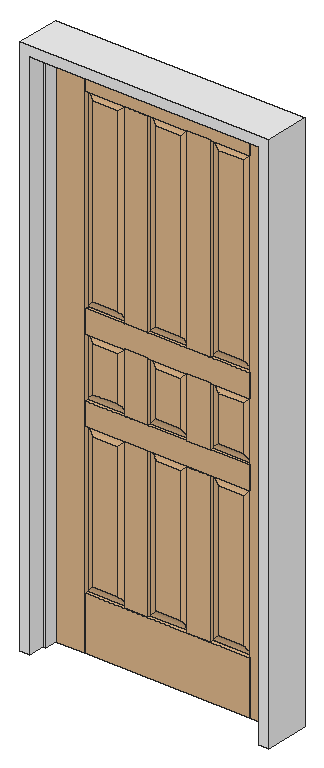
Revit family
Parameters (values of type "1 3/4" Raised Panel")
  URL = "http://www.karonadoor.com"
  Thickness Note = "Do not edit thickness."  # constant formula
  Thickness = 1.774"
  Swing Angle 2D = 90.00°
  SmartBIM Object Version = 1  # constant formula
  SmartBIM Object Created By = "Reed Construction Data"  # constant formula
  Rough Width = 0.000"
  Rough Height = 1.750"
  Panel = Panel_K3190_Karona : 1 3/4" - Raised Panel
  Model = "K3190 Square"  # constant formula
  Manufacturer = "Karona , Inc."  # constant formula
  Interior Panel = Wood, Cherry - Grain Vertical
  Detail Door Thickness = 1.750"
  Assembly Code = ""
  Top Rail Height = 5.000"
  Top Rail = Wood, Cherry - Grain Horizontal
  Stile Width = 5.063"
  Stile = Wood, Cherry - Grain Vertical
  Sticking = Wood, Cherry - Grain Vertical
  Middle Rail = Wood, Cherry - Grain Horizontal
  Height = 84.000"
  Wall Closure = (empty or 0)
  Width = 36.000"
  Frame = Metal
  Bottom Rail Height = 8.500"
  Bottom Rail = Wood, Cherry - Grain Horizontal
  95 CSI = "08210"  # constant formula
  04 CSI = "08 14 33"  # constant formula
Types (9): name | Thickness | Rough Height | Panel | Detail Door Thickness
  1 3/4" Flat Panel | 1.774" | 1.750" | Panel_K3190_Karona : 1 3/4" - Flat Panel | 1.750"
  1 3/8" Flat Panel | 1.334" | 0.000" | Panel_K3190_Karona : 1 3/8" - Flat Panel | 1.375"
  2 1/4" Flat Panel | 2.250" | 0.000" | Panel_K3190_Karona : 2 1/4" - Flat Panel | 2.250"
  1 3/4" Glass Panel | 1.774" | 1.750" | Panel_K3190_Karona : 1 3/4" - Glass Panel | 1.750"
  1 3/8" Glass Panel | 1.334" | 0.000" | Panel_K3190_Karona : 1 3/8" - Glass Panel | 1.375"
  2 1/4" Glass Panel | 2.250" | 0.000" | Panel_K3190_Karona : 2 1/4" - Glass | 2.250"
  1 3/4" Raised Panel | 1.774" | 1.750" | Panel_K3190_Karona : 1 3/4" - Raised Panel | 1.750"
  1 3/8" Raised Panel | 1.334" | 0.000" | Panel_K3190_Karona : 1 3/8" - Raised Panel | 1.375"
  2 1/4" Raised Panel | 2.250" | 0.000" | Panel_K3190_Karona : 2 1/4" - Raised Panel | 2.250"
Reference planes (in)
  plane 1 "Center (Front/Back)": y = 0
  plane 2 "Center (Left/Right)": x = 0
  plane 3 "Left": x = -18
  plane 4 "Right": x = 18
  plane 5 "Top": z = 84
  plane 6 "Exterior Edge of Frame": y = 3.5
  plane 7 "Interior Edge of Frame": y = -3.5
  plane 8: y = 1
  plane 9: y = -1
  plane 10 "Opening Left": x = -19.5
  plane 11 "Opening Right": x = 19.5
  plane 12 "Top of Opening": z = 85.5
  plane 13: x = -17.5
Forms (in)
  Sweep 1, solid, material "Metal" <- "Frame"
    path origin (0, 0, 0) x (1, 0, 0) y (0, 0, 1)
      loop
        line (-19.5, 0) -> (-19.5, 85.5) -> (19.5, 85.5) -> (19.5, 0)
    profile origin (-19.5, 0, 42.75) x (-1, 0, 0) y (0, -1, 0)
      loop
        line (0, -3.5) -> (0, 3.5) -> (-1.5, 3.5) -> (-1.5, 1) -> (-2, 1) -> (-2, -1) -> (-1.5, -1) -> (-1.5, -3.5) -> (0, -3.5)
Lines and regions (in)
  Opening 1
    outline origin (-90, -3, 0) x (1, 0, 0) y (0, 0, 1)
      loop
        line (70.5, 0) -> (109.5, 0) -> (109.5, 85.5) -> (70.5, 85.5) -> (70.5, 0)
  symbolic lines, style "Elevation Swing"
    curve 1: line (18, 3, 0) -> (-18, 3, 42)
    curve 2: line (-18, 3, 42) -> (18, 3, 84)
Text (in)
  text "Exterior" at (-46.13199, 20.20143, 0), in view "Ref. Level"
  text "Interior" at (-46.13199, -10.56751, 0), in view "Ref. Level"
  text "Exterior" at (0, 40.15149, 123.01588), in view "Right"
  text "Interior" at (0, -64.39139, 123.01588), in view "Right"
  text "Interior" at (0, -31.01599, 123.00693), in view "Left"
  text "Exterior" at (0, 54.57065, 123.00693), in view "Left"
Dimensions and locks (in)
  "Height": level to plane 5 "Top"
  "Width": plane 3 "Left" to plane 4 "Right"
  equal spacing: host wall, curve 2, plane 5 "Top"
  locked: host wall to plane 7 "Interior Edge of Frame" at 0.5
  locked: plane 6 "Exterior Edge of Frame" to host wall at 0.5
  locked: plane 9 to plane 7 "Interior Edge of Frame" at 2.5
  locked: plane 6 "Exterior Edge of Frame" to plane 8 at 2.5
  equal spacing: plane 3 "Left", plane 2 "Center (Left/Right)", plane 4 "Right"
  locked: plane 4 "Right" to plane 11 "Opening Right" at 1.5
  locked: plane 5 "Top" to plane 12 "Top of Opening" at 1.5
  locked: plane 3 "Left" to plane 13 at 0.5
  locked: plane 10 "Opening Left" to plane 3 "Left" at 1.5
  aligned and locked: Opening 1 sketch curve to level
  aligned and locked: plane 4 "Right" to curve 1
  aligned and locked: plane 3 "Left" to curve 1
  aligned and locked: plane 5 "Top" to curve 2
  aligned and locked: Opening 1 sketch curve to plane 11 "Opening Right"
  aligned and locked: plane 12 "Top of Opening" to Opening 1 sketch curve
  aligned and locked: Opening 1 sketch curve to plane 10 "Opening Left"
  aligned and locked: plane 10 "Opening Left" to Sweep 1 sketch curve
  aligned and locked: plane 12 "Top of Opening" to Sweep 1 sketch curve
  aligned and locked: plane 11 "Opening Right" to Sweep 1 sketch curve
  aligned and locked: level to Sweep 1 sketch curve  (x2)
  aligned and locked: Sweep 1 sketch curve to plane 10 "Opening Left"
  aligned and locked: Sweep 1 sketch curve to plane 6 "Exterior Edge of Frame"
  aligned and locked: Sweep 1 sketch curve to plane 7 "Interior Edge of Frame"
  aligned and locked: Sweep 1 sketch curve to plane 8
  aligned and locked: Sweep 1 sketch curve to plane 9
  aligned and locked: plane 13 to Sweep 1 sketch curve
  aligned and locked: plane 3 "Left" to Sweep 1 sketch curve  (x2)
  aligned and locked: nested 1 to plane 2 "Center (Left/Right)"
  aligned and locked: nested 1 to plane 8
  aligned and locked: nested 2 to plane 3 "Left"
  aligned and locked: nested 2 to plane 8
Automatic sketch dimensions
  curve 1 to level = 0.000"
  curve 2 to plane 4 "Right" = 0.000"
Nested families (in)
  nested 1: "Panel_K3190_Karona" at (-13.5, 0.6575, 0) x (-1, 0, 0) z (0, 0, 1), type <- "Panel", type "1 3/4" - Raised Panel"
    with Top Panel Offset 20.250", Panel Height 30.500", Height 84.000", Half Panel Height 15.250", Cross Rail and Panel Spacing Start 17.0625", Cross Rail Panel Height 34.125", Bottom Rail Height 8.500", Bottom Panel Height 23.375"
  nested 2: "Door Panel Plan View" at (-31.5, 1, 0) x (-1, 0, 0) z (0, 0, 1), type "Door Panel Plan View"
    with Thickness 1.750", Height 84.000"
Definition of nested family "Panel_K3190_Karona"
  Parameters (values of type "1 3/4" - Raised Panel")
    Width = 36.000"
    Top Rail Material = Wood, Cherry - Grain Horizontal
    Top Rail Height = 5.000"
    Top Panel Offset = Top Rail Height + Half Panel Height  # 28.250"
    Thickness Note = "Do not change door thickness"  # constant formula
    Thickness = 1.774"
    Stile Width = 5.063"
    Stile Material = Wood, Cherry - Grain Vertical
    Sticking Material = Wood, Cherry - Grain Vertical
    Panel Width = (Width - (2 * Stile Width) - (2 * Mullion Width)) / 3  # 6.208"
    Panel Height = Height - (Top Rail Height + Mullion Width + Middle Panel Height + Bottom Height)  # 46.500"
    Panel = Glass-Sticking-Assembly-Square_Karona : Raised Panel
    Mullion Width = 3.625"  # constant formula
    Middle Panel Height = 9.375"  # constant formula
    Interior Panel = Wood, Cherry - Grain Vertical
    Height = 100.000"
    Half Panel Width = 0.5 * Panel Width  # 3.104"
    Half Panel Height = 0.5 * Panel Height  # 23.250"
    Exterior Edge - Glass Bottom Offset = if(Thickness = 1.774", 0.567", if(Thickness = 2.250", 0.803", 0.469"))  # 0.567"
    Door Panel Material = Wood, Cherry - Grain Vertical
    Default Elevation = 0.000"  # constant formula
    Cross Rail and Panel Spacing Start = Half Panel Height + 0.5 * (3.625")  # 25.0625"
    Cross Rail Panel Height = Panel Height + 3.625"  # 50.125"
    Bottom Rail Material = Wood, Cherry - Grain Horizontal
    Bottom Rail Height = 20.000"
    Bottom Panel Height = Bottom Height - (Mullion Width + Bottom Rail Height)  # 11.875"
    Bottom Height = 35.500"
    Assembly Code = ""
  Types (9): name | Top Panel Offset | Thickness | Panel Height | Panel | Interior Panel | Height | Half Panel Height | Exterior Edge - Glass Bottom Offset | Cross Rail and Panel Spacing Start | Cross Rail Panel Height | Bottom Rail Height | Bottom Panel Height
    2 1/4" - Flat Panel | 20.250" | 2.250" | 30.500" | Glass-Sticking-Assembly-Square_Karona : Flat Panel | Wood, Cherry - Grain Vertical | 84.000" | 15.250" | 0.803" | 17.0625" | 34.125" | 8.500" | 23.375"
    2 1/4" - Glass | 20.250" | 2.250" | 30.500" | Glass-Sticking-Assembly-Square_Karona : Glass Panel | Glass | 84.000" | 15.250" | 0.803" | 17.0625" | 34.125" | 8.500" | 23.375"
    2 1/4" - Raised Panel | 20.250" | 2.250" | 30.500" | Glass-Sticking-Assembly-Square_Karona : Raised Panel | Wood, Cherry - Grain Vertical | 84.000" | 15.250" | 0.803" | 17.0625" | 34.125" | 8.500" | 23.375"
    1 3/4" - Raised Panel | 28.250" | 1.774" | 46.500" | Glass-Sticking-Assembly-Square_Karona : Raised Panel | Wood, Cherry - Grain Vertical | 100.000" | 23.250" | 0.567" | 25.0625" | 50.125" | 20.000" | 11.875"
    1 3/4" - Flat Panel | 20.250" | 1.774" | 30.500" | Glass-Sticking-Assembly-Square_Karona : Flat Panel | Wood, Cherry - Grain Vertical | 84.000" | 15.250" | 0.567" | 17.0625" | 34.125" | 8.500" | 23.375"
    1 3/4" - Glass Panel | 20.250" | 1.774" | 30.500" | Glass-Sticking-Assembly-Square_Karona : Glass Panel | Glass | 84.000" | 15.250" | 0.567" | 17.0625" | 34.125" | 8.500" | 23.375"
    1 3/8" - Raised Panel | 20.250" | 1.334" | 30.500" | Glass-Sticking-Assembly-Square_Karona : Raised Panel | Wood, Cherry - Grain Vertical | 84.000" | 15.250" | 0.469" | 17.0625" | 34.125" | 8.500" | 23.375"
    1 3/8" - Glass Panel | 20.250" | 1.334" | 30.500" | Glass-Sticking-Assembly-Square_Karona : Glass Panel | Glass | 84.000" | 15.250" | 0.469" | 17.0625" | 34.125" | 8.500" | 23.375"
    1 3/8" - Flat Panel | 20.250" | 1.334" | 30.500" | Glass-Sticking-Assembly-Square_Karona : Flat Panel | Wood, Cherry - Grain Vertical | 84.000" | 15.250" | 0.469" | 17.0625" | 34.125" | 8.500" | 23.375"
  Reference planes (in)
    plane 1 "Center (Front/Back)": y = 1.2295
    plane 2: z = 0
    plane 3 "Center (Left/Right)": x = -13.5
    plane 4 "Left": x = -31.5
    plane 5: x = 4.5
    plane 6 "Inner Left": x = -26.437
    plane 7 "Inner Right": x = -0.563
    plane 8: z = 20
    plane 9 "Bottom Of Top Rail": z = 95
    plane 10 "Top": z = 100
    plane 11 "Interior Edge of Door": y = 2.1165
    plane 12: z = 95
    plane 13 "Exterior Edge of Door": y = 0.3425
    plane 14 "Bottom of Glass": y = 0.9095
    plane 15 "Left Panel Vertical Midline": x = -23.333
    plane 16 "Right Panel Vertical Midline": x = -3.667
    plane 17 "Center of Left Vertical Mullion": x = -18.4165
    plane 18 "Center of Right Vertical Mullion": x = -8.5835
    plane 19: z = 48.5
    plane 20: z = 31.875
    plane 21: z = 44.875
    plane 22: z = 71.75
    plane 23: z = 25.9375
    plane 24: z = 35.5
    plane 25: z = 40.1875
  Forms (in)
    Extrusion 1, solid, material "Wood, Cherry - Grain Horizontal" <- "Bottom Rail Material"
      sketch origin (0, -101.3125, 0) x (1, 0, 0) y (0, 0, 1)
        loop
          line (-26.437, 0) -> (-0.563, 0) -> (-0.563, 20) -> (-26.437, 20) -> (-26.437, 0)
      from -103.429 to -101.655
    Extrusion 2, solid, material "Wood, Cherry - Grain Vertical" <- "Stile Material"
      sketch origin (0, 1.2295, 0) x (1, 0, 0) y (0, 0, 1)
        loop
          line (-31.5, 100) -> (-31.5, 0) -> (-26.437, 0) -> (-26.437, 100) -> (-31.5, 100)
        loop
          line (-0.563, 0) -> (4.5, 0) -> (4.5, 100) -> (-0.563, 100) -> (-0.563, 0)
      from -0.887 to 0.887
    Extrusion 3, solid, material "Wood, Cherry - Grain Horizontal" <- "Top Rail Material"
      sketch origin (0, 1.2295, 0) x (1, 0, 0) y (0, 0, 1)
        loop
          line (-26.437, 100) -> (-26.437, 95) -> (-0.563, 95) -> (-0.563, 100) -> (-26.437, 100)
      from -0.887 to 0.887
    Extrusion 4, solid, material "Wood, Cherry - Grain Vertical" <- "Stile Material"
      sketch origin (0, 1.2295, 0) x (1, 0, 0) y (0, 0, 1)
        loop
          line (-20.229, 20) -> (-16.604, 20) -> (-16.604, 31.875) -> (-20.229, 31.875) -> (-20.229, 20)
        loop
          line (-20.229, 95) -> (-20.229, 48.5) -> (-16.604, 48.5) -> (-16.604, 95) -> (-20.229, 95)
        loop
          line (-10.396, 20) -> (-6.771, 20) -> (-6.771, 31.875) -> (-10.396, 31.875) -> (-10.396, 20)
        loop
          line (-10.396, 95) -> (-10.396, 48.5) -> (-6.771, 48.5) -> (-6.771, 95) -> (-10.396, 95)
        loop
          line (-20.229, 44.875) -> (-20.229, 35.5) -> (-16.604, 35.5) -> (-16.604, 44.875) -> (-20.229, 44.875)
        loop
          line (-10.396, 35.5) -> (-6.771, 35.5) -> (-6.771, 44.875) -> (-10.396, 44.875) -> (-10.396, 35.5)
      from -0.887 to 0.887
    Extrusion 5, solid, material "Wood, Cherry - Grain Horizontal" <- "Top Rail Material"
      sketch origin (0, 1.2295, 0) x (1, 0, 0) y (0, 0, 1)
        loop
          line (-0.563, 31.874) -> (-0.563, 35.5) -> (-26.437, 35.5) -> (-26.437, 31.874) -> (-0.563, 31.874)
        loop
          line (-0.563, 44.875) -> (-0.563, 48.501) -> (-26.437, 48.501) -> (-26.437, 44.875) -> (-0.563, 44.875)
      from -0.887 to 0.887
  Text (in)
    text "EXTERIOR" at (-34.59289, -1.27941, 0), in view "Ref. Level"
    text "EXTERIOR" at (0, -9.65287, 72.76687), in view "Left"
    text "EXTERIOR" at (0, -33.33473, 96.68074), in view "Right"
  Dimensions and locks (in)
    equal spacing: plane 4 "Left", plane 3 "Center (Left/Right)", plane 5
    "Width": plane 4 "Left" to plane 5
    "Stile Width": plane 4 "Left" to plane 6 "Inner Left"
    "Stile Width": plane 5 to plane 7 "Inner Right"
    "Bottom Rail Height": plane 8 to plane 2
    "Top Rail Height": plane 10 "Top" to plane 9 "Bottom Of Top Rail"
    "Height": plane 10 "Top" to plane 2
    equal spacing: plane 11 "Interior Edge of Door", plane 1 "Center (Front/Back)", plane 13 "Exterior Edge of Door"
    "Thickness": plane 11 "Interior Edge of Door" to plane 13 "Exterior Edge of Door"
    "Exterior Edge - Glass Bottom Offset": plane 14 "Bottom of Glass" to plane 13 "Exterior Edge of Door"
    "Exterior Edge - Glass Bottom Offset": plane 13 "Exterior Edge of Door" to plane 14 "Bottom of Glass"
    "Half Panel Width": plane 15 "Left Panel Vertical Midline" to plane 6 "Inner Left"
    "Half Panel Width": plane 7 "Inner Right" to plane 16 "Right Panel Vertical Midline"
    equal spacing: plane 3 "Center (Left/Right)", plane 17 "Center of Left Vertical Mullion", plane 15 "Left Panel Vertical Midline"
    locked: Extrusion 4 sketch curve to plane 17 "Center of Left Vertical Mullion" at 1.8125
    locked: Extrusion 4 sketch curve to Extrusion 4 sketch curve at 3.625  (x2)
    equal spacing: plane 16 "Right Panel Vertical Midline", plane 18 "Center of Right Vertical Mullion", plane 3 "Center (Left/Right)"
    locked: Extrusion 4 sketch curve to plane 18 "Center of Right Vertical Mullion" at 1.8125
    Extrusion 5 sketch curve to Extrusion 5 sketch curve = 3.626"  (x2)
    locked: Extrusion 5 sketch curve to Extrusion 5 sketch curve at 3.626  (x2)
    "Panel Height": plane 12 to plane 19
    equal spacing: plane 20, plane 23, plane 8
    equal spacing: plane 12, plane 22, plane 19
    "Mullion Width": plane 24 to plane 20
    "Mullion Width": plane 19 to plane 21
    equal spacing: plane 21, plane 25, plane 24
    "Bottom Height": plane 24 to level
    aligned and locked: Extrusion 1 to plane 2
    aligned and locked: plane 11 "Interior Edge of Door" to Extrusion 1
    aligned and locked: plane 4 "Left" to Extrusion 2 sketch curve
    aligned and locked: Extrusion 2 sketch curve to plane 10 "Top"
    aligned and locked: Extrusion 2 sketch curve to Extrusion 1  (x3)
    aligned and locked: Extrusion 1 to Extrusion 2 sketch curve
    aligned and locked: plane 10 "Top" to Extrusion 2 sketch curve
    aligned and locked: plane 5 to Extrusion 2 sketch curve
    aligned and locked: plane 11 "Interior Edge of Door" to Extrusion 2
    aligned and locked: Extrusion 2 to Extrusion 3 sketch curve
    aligned and locked: Extrusion 3 sketch curve to Extrusion 2
    aligned and locked: plane 11 "Interior Edge of Door" to Extrusion 3
    aligned and locked: plane 12 to plane 9 "Bottom Of Top Rail"
    aligned and locked: level to plane 2
    aligned and locked: Extrusion 3 to plane 13 "Exterior Edge of Door"
    aligned and locked: Extrusion 3 to plane 11 "Interior Edge of Door"
    aligned and locked: Extrusion 2 to plane 13 "Exterior Edge of Door"
    aligned and locked: Extrusion 3 to plane 12
    aligned and locked: Extrusion 1 to Extrusion 2
    aligned and locked: nested 1 to plane 1 "Center (Front/Back)"
    aligned and locked: Extrusion 4 sketch curve to plane 12  (x2)
    aligned and locked: Extrusion 4 sketch curve to plane 8  (x2)
    aligned and locked: plane 11 "Interior Edge of Door" to Extrusion 4
    aligned and locked: Extrusion 4 to plane 13 "Exterior Edge of Door"
    aligned and locked: plane 11 "Interior Edge of Door" to Extrusion 5
    aligned and locked: Extrusion 5 to plane 13 "Exterior Edge of Door"
    aligned and locked: plane 15 "Left Panel Vertical Midline" to nested 1
    aligned and locked: plane 15 "Left Panel Vertical Midline" to nested 2
    aligned and locked: plane 3 "Center (Left/Right)" to nested 3
    aligned and locked: plane 16 "Right Panel Vertical Midline" to nested 4
    aligned and locked: plane 3 "Center (Left/Right)" to nested 5
    aligned and locked: plane 16 "Right Panel Vertical Midline" to nested 6
    aligned and locked: plane 22 to nested 1
    aligned and locked: plane 22 to nested 3
    aligned and locked: plane 22 to nested 4
    aligned and locked: Extrusion 4 sketch curve to plane 19
    aligned and locked: plane 19 to Extrusion 4 sketch curve
    aligned and locked: Extrusion 4 sketch curve to plane 20  (x2)
    aligned and locked: plane 21 to Extrusion 5
    aligned and locked: plane 15 "Left Panel Vertical Midline" to nested 7
    aligned and locked: plane 3 "Center (Left/Right)" to nested 8
    aligned and locked: plane 16 "Right Panel Vertical Midline" to nested 9
    aligned and locked: plane 25 to nested 7
    aligned and locked: plane 25 to nested 8
    aligned and locked: plane 25 to nested 9
    aligned and locked: Extrusion 5 sketch curve to plane 24
    aligned and locked: Extrusion 4 sketch curve to Extrusion 4 sketch curve  (x4)
    aligned and locked: plane 23 to nested 6
    aligned and locked: plane 23 to nested 5
    aligned and locked: plane 23 to nested 2
  Automatic sketch dimensions
    Extrusion 1 sketch curve to plane 6 "Inner Left" = 0.000"
    Extrusion 1 sketch curve to plane 7 "Inner Right" = 0.000"
    Extrusion 1 sketch curve to level = 0.000"
    Extrusion 1 sketch curve to plane 8 = 0.000"
    Extrusion 3 sketch curve to plane 7 "Inner Right" = 0.000"
    plane 9 "Bottom Of Top Rail" to Extrusion 3 sketch curve = 0.000"
    Extrusion 5 sketch curve to plane 6 "Inner Left" = 0.000"  (x2)
    Extrusion 5 sketch curve to plane 7 "Inner Right" = 0.000"  (x2)
    Extrusion 5 sketch curve to Extrusion 5 sketch curve = 9.375"
    Extrusion 4 sketch curve to plane 24 = 0.000"  (x2)
    Extrusion 4 sketch curve to plane 17 "Center of Left Vertical Mullion" = 1.8125"
    plane 17 "Center of Left Vertical Mullion" to Extrusion 4 sketch curve = 1.8125"
    Extrusion 4 sketch curve to plane 18 "Center of Right Vertical Mullion" = 1.8125"
    plane 18 "Center of Right Vertical Mullion" to Extrusion 4 sketch curve = 1.8125"
    Extrusion 4 sketch curve to plane 21 = 0.000"  (x2)
  Nested families (in)
    nested 1: "Glass-Sticking-Assembly-Square_Karona" at (-23.80175, 1.38, 48.5), Width <- "Panel Width", Height <- "Panel Height", type <- "Panel", type "Raised Panel"
      with Width 6.208", Height 46.500"
    nested 2: "Glass-Sticking-Assembly-Square_Karona" at (-23.80175, 1.382, 20), Width <- "Panel Width", Height <- "Bottom Panel Height", type <- "Panel", type "Raised Panel"
      with Width 6.208", Height 11.875"
    nested 3: "Glass-Sticking-Assembly-Square_Karona" at (-13.96875, 1.382, 48.5), Width <- "Panel Width", Height <- "Panel Height", type <- "Panel", type "Raised Panel"
      with Width 6.208", Height 46.500"
    nested 4: "Glass-Sticking-Assembly-Square_Karona" at (-4.13575, 1.382, 48.5), Width <- "Panel Width", Height <- "Panel Height", type <- "Panel", type "Raised Panel"
      with Width 6.208", Height 46.500"
    nested 5: "Glass-Sticking-Assembly-Square_Karona" at (-13.96875, 1.382, 20), Width <- "Panel Width", Height <- "Bottom Panel Height", type <- "Panel", type "Raised Panel"
      with Width 6.208", Height 11.875"
    nested 6: "Glass-Sticking-Assembly-Square_Karona" at (-4.13575, 1.382, 20), Width <- "Panel Width", Height <- "Bottom Panel Height", type <- "Panel", type "Raised Panel"
      with Width 6.208", Height 11.875"
    nested 7: "Glass-Sticking-Assembly-Square_Karona" at (-23.80175, 1.382, 35.5), Width <- "Panel Width", Height <- "Middle Panel Height", type <- "Panel", type "Raised Panel"
      with Width 6.208", Height 9.375"
    nested 8: "Glass-Sticking-Assembly-Square_Karona" at (-13.96875, 1.382, 35.5), Width <- "Panel Width", Height <- "Middle Panel Height", type <- "Panel", type "Raised Panel"
      with Width 6.208", Height 9.375"
    nested 9: "Glass-Sticking-Assembly-Square_Karona" at (-4.13575, 1.382, 35.5), Width <- "Panel Width", Height <- "Middle Panel Height", type <- "Panel", type "Raised Panel"
      with Width 6.208", Height 9.375"
  Definition of nested family "Glass-Sticking-Assembly-Square_Karona"
    Parameters (values of type "Glass Panel")
      Width [instance] = 19.000"
      Stop Adjustment = if(and(not(Glass Panel), Door Thickness = 1.774"), 0.513", if(and(not(Glass Panel), Door Thickness = 2.250"), 0.513", if((Glass Panel), 0.125", 0.273")))  # 0.125"
      Profile = Wood, Cherry - Grain Vertical
      Height [instance] = 23.000"
      Raised Panel = no
      Interior Panel = Wood, Cherry - Grain Vertical
      Glass Panel = yes
      Door Thickness = 1.774"
      C = if(Glass Panel, 0.125", if(Door Thickness = 1.774", 0.200", if(Door Thickness = 2.250", 0.439", 0.191")))  # 0.125"
      B = if(Door Thickness = 1.774", 0.567", if(Door Thickness = 2.250", 0.803", 0.469"))  # 0.567"
      Assembly Code = ""
      A = if(Door Thickness = 1.774", 0.197", if(Door Thickness = 2.250", 0.433", 0.194"))  # 0.197"
    Types (3): name | Width | Stop Adjustment | Raised Panel | Glass Panel | C
      Glass Panel | 19.000" | 0.125" | no | yes | 0.125"
      Flat Panel | 4.500" | 0.513" | no | no | 0.200"
      Raised Panel | 4.000" | 0.513" | yes | no | 0.200"
    Reference planes (in)
      plane 1 "Stop Adjustment Edge": y = -0.3455
      plane 2: z = 0
      plane 3 "Center (Left/Right)": x = 0.46875
      plane 4 "Back": y = 0.7365
      plane 5 "Front": y = -1.0375
      plane 6 "Left": x = -9.03125
      plane 7 "Right": x = 9.96875
      plane 8 "Top": z = 23
      plane 9 "Center (Up/Down)": z = 11.5
      plane 10 "Bottom of Stop": y = -0.2205
      plane 11 "Bottom of Glass": y = -0.4705
      plane 12 "Right Edge of Glass": x = 10.35675
      plane 13 "Left Edge of Glass": x = -9.41925
      plane 14 "Top Edge of Glass": z = 23.34425
      plane 15 "Bottom Edge of Glass": z = -0.34425
      plane 16 "A": y = -0.8405
      plane 17 "C": y = 0.6115
      plane 18: z = 0.438
      plane 19: z = 22.562
      plane 20: x = -8.59325
      plane 21: x = 9.53075
      plane 22 "Center (Front/Back)": y = -0.1505
      plane 23: x = -9.46925
      plane 24: x = 10.40675
      plane 25: z = 23.438
      plane 26: z = -0.438
    Forms (in)
      Extrusion 1, solid, material "Wood, Cherry - Grain Vertical" <- "Interior Panel"
        sketch origin (0, 0, 0) x (1, 0, 0) y (0, 1, 0)
          loop
            line (-9.41925, -0.2205) -> (-9.41925, -0.4705) -> (10.35675, -0.4705) -> (10.35675, -0.2205) -> (-9.41925, -0.2205)
        from -0.34425 to 23.34425
      Extrusion 2, solid, material "Wood, Cherry - Grain Vertical" <- "Profile", visible <- "Raised Panel"
        sketch origin (0, 0, 0) x (1, 0, 0) y (0, 1, 0)
          loop
            line (9.96875, 0.6115) -> (-9.03125, 0.6115) -> (-9.03125, -0.2205) -> (9.96875, -0.2205) -> (9.96875, 0.6115)
          loop
            line (-9.03125, -0.4705) -> (-9.03125, -0.8405) -> (9.96875, -0.8405) -> (9.96875, -0.4705) -> (-9.03125, -0.4705)
        from 0 to 23
      Sweep 3, void
        path origin (0, -0.2205, 0) x (-1, 0, 0) y (0, 0, 1)
          loop
            line (9.46925, -0.438) -> (9.46925, 23.438) -> (-10.40675, 23.438) -> (-10.40675, -0.438) -> (9.46925, -0.438)
        profile "Profile : 05" origin (-9.46925, -0.2205, 11.5) x (1, 0, 0) y (0, 1, 0)
          loop
            line (0, 0.05) -> (0.36169, 0.05096)
            arc (0.36169, 0.05096) -> (1.01257, 0.13642) -> (1.61934, 0.387) r 2.52143
            line (1.61934, 0.387) -> (0, 0.387) -> (0, 0.05)
      Sweep 4, void
        path origin (0, -0.4705, 0) x (-1, 0, 0) y (0, 0, 1)
          loop
            line (-10.40675, 23.438) -> (-10.40675, -0.438) -> (9.46925, -0.438) -> (9.46925, 23.438) -> (-10.40675, 23.438)
        profile "Profile : 05" origin (10.40675, -0.4705, 11.5) x (-1, 0, 0) y (0, 1, 0)
          loop
            line (0, -0.05) -> (0, -0.387) -> (1.61934, -0.387)
            arc (1.61934, -0.387) -> (1.01257, -0.13642) -> (0.36169, -0.05096) r 2.52143
            line (0.36169, -0.05096) -> (0, -0.05)
    Cuts and joins
      Sweep 3, Sweep 4 cuts Extrusion 2
    Text (in)
      text "INTERIOR" at (-14.3788, 3.49864, 0), in view "Ref. Level"
    Dimensions and locks (in)
      equal spacing: plane 6 "Left", plane 3 "Center (Left/Right)", plane 7 "Right"
      "Width": plane 6 "Left" to plane 7 "Right"
      "Door Thickness": plane 4 "Back" to plane 5 "Front"
      "Height": plane 8 "Top" to plane 2
      equal spacing: plane 8 "Top", plane 9 "Center (Up/Down)", level
      locked: plane 1 "Stop Adjustment Edge" to plane 11 "Bottom of Glass" at 0.125
      "Stop Adjustment": plane 10 "Bottom of Stop" to plane 1 "Stop Adjustment Edge"
      locked: plane 7 "Right" to plane 12 "Right Edge of Glass" at 0.388
      locked: plane 14 "Top Edge of Glass" to plane 8 "Top" at 0.34425
      locked: level to plane 15 "Bottom Edge of Glass" at 0.34425
      locked: plane 13 "Left Edge of Glass" to plane 6 "Left" at 0.388
      "B": plane 5 "Front" to plane 11 "Bottom of Glass"
      "A": plane 5 "Front" to plane 16 "A"
      "C": plane 17 "C" to plane 4 "Back"
      locked: plane 18 to level at 0.438
      locked: plane 8 "Top" to plane 19 at 0.438
      locked: plane 6 "Left" to plane 20 at 0.438
      locked: plane 21 to plane 7 "Right" at 0.438
      equal spacing: plane 4 "Back", plane 22 "Center (Front/Back)", plane 5 "Front"
      locked: plane 23 to plane 13 "Left Edge of Glass" at 0.05
      locked: plane 12 "Right Edge of Glass" to plane 24 at 0.05
      locked: plane 25 to plane 14 "Top Edge of Glass" at 0.09375
      locked: plane 15 "Bottom Edge of Glass" to plane 26 at 0.09375
      aligned and locked: Extrusion 1 sketch curve to plane 13 "Left Edge of Glass"
      aligned and locked: Extrusion 1 sketch curve to plane 10 "Bottom of Stop"
      aligned and locked: Extrusion 1 sketch curve to plane 11 "Bottom of Glass"
      aligned and locked: Extrusion 1 sketch curve to plane 12 "Right Edge of Glass"
      aligned and locked: plane 14 "Top Edge of Glass" to Extrusion 1
      aligned and locked: Extrusion 1 to plane 15 "Bottom Edge of Glass"
      aligned and locked: Extrusion 2 sketch curve to plane 17 "C"
      aligned and locked: Extrusion 2 sketch curve to plane 10 "Bottom of Stop"
      aligned and locked: Extrusion 2 sketch curve to plane 11 "Bottom of Glass"
      aligned and locked: Extrusion 2 sketch curve to plane 16 "A"
      aligned and locked: plane 25 to Sweep 4 sketch curve
      aligned and locked: Sweep 4 sketch curve to plane 23
      aligned and locked: plane 24 to Sweep 4 sketch curve
      aligned and locked: Sweep 4 sketch curve to plane 26
      aligned and locked: plane 25 to Sweep 3 sketch curve
      aligned and locked: plane 24 to Sweep 3 sketch curve
      aligned and locked: Sweep 3 sketch curve to plane 23
      aligned and locked: Sweep 3 sketch curve to plane 26
      aligned and locked: plane 6 "Left" to Extrusion 2 sketch curve  (x2)
      aligned and locked: plane 7 "Right" to Extrusion 2 sketch curve  (x2)
      aligned and locked: plane 8 "Top" to Extrusion 2
      aligned and locked: Extrusion 2 to level
Definition of nested family "Door Panel Plan View"
  Parameters (values of type "Door Panel Plan View")
    Width = 36.000"
    Thickness = 2.000"
    Swing Angle 2D = 90.00°
    Height = 0.000"
    Assembly Code = ""
  Reference planes (in)
    plane 1 "Center (Front/Back)": y = 0
    plane 2: z = 0
    plane 3 "Center (Left/Right)": x = -13.5
  Lines and regions (in)
    symbolic lines, style "DoorsPanelProjection"
      curve 1: line (-13.5, 0, 0) -> (-13.5, 36, 0)
      curve 2: line (-15.5, 0, 0) -> (-15.5, 36, 0)
      curve 3: line (-13.5, 0, 0) -> (-15.5, 0, 0)
      curve 4: line (-13.5, 36, 0) -> (-15.5, 36, 0)
    symbolic lines, style "Plan Swing"
      curve 5: arc (-13.5, 36, 0) -> (-38.95584, 25.45584, 0) -> (-49.5, 0, 0) r 36
  Dimensions and locks (in)
    "Width": curve 4 to curve 3
    "Thickness": curve 1 to curve 2
    "Swing Angle 2D": angle curve 1 to plane 1 "Center (Front/Back)"
    aligned and locked: plane 1 "Center (Front/Back)" to curve 5
  Automatic sketch dimensions
    curve 3 to plane 1 "Center (Front/Back)" = 0.000"
    curve 5 to plane 3 "Center (Left/Right)" = 0.000"
    curve 3 to plane 3 "Center (Left/Right)" = 0.000"
